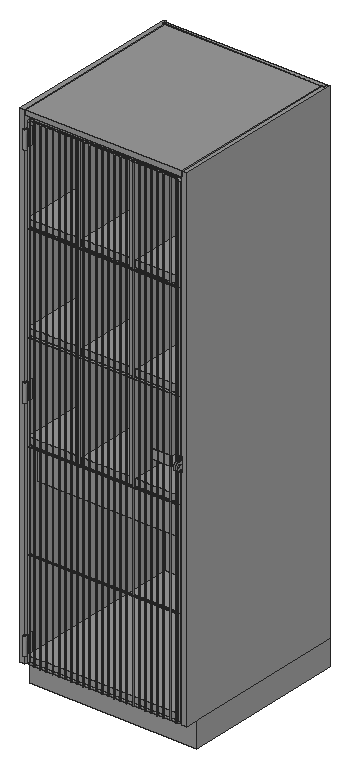
Revit family "TMI_M3012-Music_Wire Grille Doors1", category Casework, Revit 2016 (continued)
Definition of nested family "Individual Wire Grille Door 27in Wide (at bottom)"
  Automatic sketch dimensions
    radius of Extrusion 9 sketch curve = 0.06444"
    radius of Extrusion 10 sketch curve = 0.06444"
    radius of Extrusion 11 sketch curve = 0.06444"
    radius of Extrusion 12 sketch curve = 0.06444"
    radius of Extrusion 13 sketch curve = 0.06444"
    radius of Extrusion 14 sketch curve = 0.06444"
    radius of Extrusion 15 sketch curve = 0.06444"
    radius of Extrusion 16 sketch curve = 0.06444"
    radius of Extrusion 17 sketch curve = 0.06444"
    radius of Extrusion 18 sketch curve = 0.06444"
    radius of Extrusion 19 sketch curve = 0.06444"
    radius of Extrusion 20 sketch curve = 0.06444"
    radius of Extrusion 21 sketch curve = 0.06444"
    radius of Extrusion 22 sketch curve = 0.06444"
    radius of Extrusion 23 sketch curve = 0.06444"
    radius of Extrusion 24 sketch curve = 0.06444"
    radius of Extrusion 25 sketch curve = 0.06444"
    radius of Extrusion 26 sketch curve = 0.06444"
  Nested families (in)
    nested 1: "Pad Lock" at (12.38138, -0.33984, 13.01666), type "Pad Lock"
    nested 2: "Pad Lock" at (12.69388, -0.33984, 13.01666), type "Pad Lock"
    nested 3: "5k hinge (music)" at (-12.5929, 0.76369, 21.8125) x (-1, 0, 0) z (0, 0, 1), type "5k hinge (music)"
      with Width 16"
    nested 4: "5k hinge (music)" at (-12.5929, 0.76369, 1.40625) x (-1, 0, 0) z (0, 0, 1), type "5k hinge (music)"
      with Width 16"
  Definition of nested family "Pad Lock"
    Reference planes (in)
      plane 1 "Center (Front/Back)": y = 0
      plane 2: z = 0
      plane 3 "Center (Left/Right)": x = 0
      plane 4: z = 1.125
      plane 5: z = -1.125
      plane 6: y = -1.125
      plane 7: y = 0.625
      plane 8: y = -0.5625
      plane 9: x = 0.0625
    Forms (in)
      Extrusion 1, solid
        sketch origin (0, 0.00036, 0.01611) x (0, 0, 1) y (0, -1, 0)
          loop
            line (0.98389, 0) -> (0.56967, 0) -> (0.56967, 0.56286)
            arc (0.56967, 0.56286) -> (0, 1.13253) -> (-0.56967, 0.56286) r 0.56967
            line (-0.56967, 0.56286) -> (-0.56967, 0) -> (-1.01611, 0)
            arc (-1.01611, 0) -> (-1.1045, -0.03661) -> (-1.14111, -0.125) r 0.125
            line (-1.14111, -0.125) -> (-1.14111, -0.62464) -> (1.10889, -0.62464) -> (1.10889, -0.125)
            arc (1.10889, -0.125) -> (1.07227, -0.03661) -> (0.98389, 0) r 0.125
          loop
            circle (0, 0.56286) r 0.375
        from 0 to 0.0625
    Dimensions and locks (in)
      locked: plane 4 to plane 5 at 2.25
      locked: plane 6 to plane 7 at 1.75
      locked: plane 9 to plane 3 "Center (Left/Right)" at 0.0625
      equal spacing: plane 1 "Center (Front/Back)", plane 8, plane 6
      locked: plane 7 to plane 1 "Center (Front/Back)" at 0.625
      equal spacing: plane 5, plane 2, plane 4
      aligned and locked: plane 2 to level
      aligned and locked: plane 9 to Extrusion 1
    Automatic sketch dimensions
      Extrusion 1 sketch curve to Extrusion 1 sketch curve = 0"  (x2)
      Extrusion 1 sketch curve to plane 5 = 0"
      Extrusion 1 sketch curve to plane 8 = 0"
      plane 4 to Extrusion 1 sketch curve = 0"
      Extrusion 1 sketch curve to plane 7 = 0"
      Extrusion 1 sketch curve to plane 1 "Center (Front/Back)" = 0.00036"
      plane 5 to Extrusion 1 sketch curve = 1/8"
      Extrusion 1 sketch curve to level = 0.55355"
      level to Extrusion 1 sketch curve = 0.01611"
      Extrusion 1 sketch curve to Extrusion 1 sketch curve = 1/8"
      Extrusion 1 sketch curve to plane 1 "Center (Front/Back)" = 0.12536"
      radius of Extrusion 1 sketch curve = 3/8"
  Definition of nested family "5k hinge (music)"
    Parameters (values of type "5k hinge (music)")
      door thickness = 1"
      Width [instance] = 16"
      Hinge Distance from Door = 9/16"
      5K hinge size = 2 13/16"
    Reference planes (in)
      plane 1 "Center (Front/Back)": y = 0
      plane 2: z = 0
      plane 3 "Center (Left/Right)": x = 0
      plane 4: x = -0.15625
      plane 5: y = -1
      plane 6: y = -0.5
      plane 7: y = -1.5625
      plane 8: y = -1.28125
      plane 9: x = 0.15625
      plane 10: z = 2.8125
      plane 11: z = 1.40625
      plane 12: x = -0.21875
    Forms (in)
      Extrusion 1, solid
        sketch origin (-8.15625, 0, 0) x (1, 0, 0) y (0, 1, 0)
          loop
            line (8.15625, -1) -> (8.15625, -1.04949)
            arc (8.15625, -1.04949) -> (7.85521, -1.421) -> (8.3125, -1.28125) r 0.25
            line (8.3125, -1.28125) -> (8.3125, 0) -> (8.15625, 0) -> (7.9375, 0) -> (7.9375, -1) -> (8.15625, -1)
        from 0 to 2.8125
    Dimensions and locks (in)
      equal spacing: plane 1 "Center (Front/Back)", plane 6, plane 5
      "Hinge Distance from Door": plane 5 to plane 7
      equal spacing: plane 5, plane 8, plane 7
      "5K hinge size": plane 10 to plane 2
      "door thickness": plane 1 "Center (Front/Back)" to plane 5
      equal spacing: plane 10, plane 11, plane 2
      equal spacing: plane 4, plane 3 "Center (Left/Right)", plane 9
      plane 4 to plane 9 = 5/16"
      plane 12 to plane 4 = 1/16"
      aligned and locked: plane 2 to level
      aligned and locked: plane 5 to Extrusion 1 sketch curve
      aligned and locked: Extrusion 1 to plane 10
      aligned and locked: plane 9 to Extrusion 1
      aligned and locked: Extrusion 1 to plane 2
      aligned and locked: plane 12 to Extrusion 1 sketch curve
    Automatic sketch dimensions
      Extrusion 1 sketch curve to plane 8 = 0"
      plane 1 "Center (Front/Back)" to Extrusion 1 sketch curve = 0"
      Extrusion 1 sketch curve to plane 9 = 0"
      plane 4 to Extrusion 1 sketch curve = 1/16"
      Extrusion 1 sketch curve to plane 3 "Center (Left/Right)" = 0"  (x2)
Types (2): name | Description | Depth
  27" x 84-1/2" x 29" | "Clarinet, Flute, Oboe, Piccolo *Top* Alto Horn, French Horn, Share Drum *Bottom*" | 29"
  27" x 84-1/2" x 39" | "Clarinet, Flute, Oboe, Piccolo *Top* Baritone, Euphonium, Mellophone *Bottom*" | 39"
